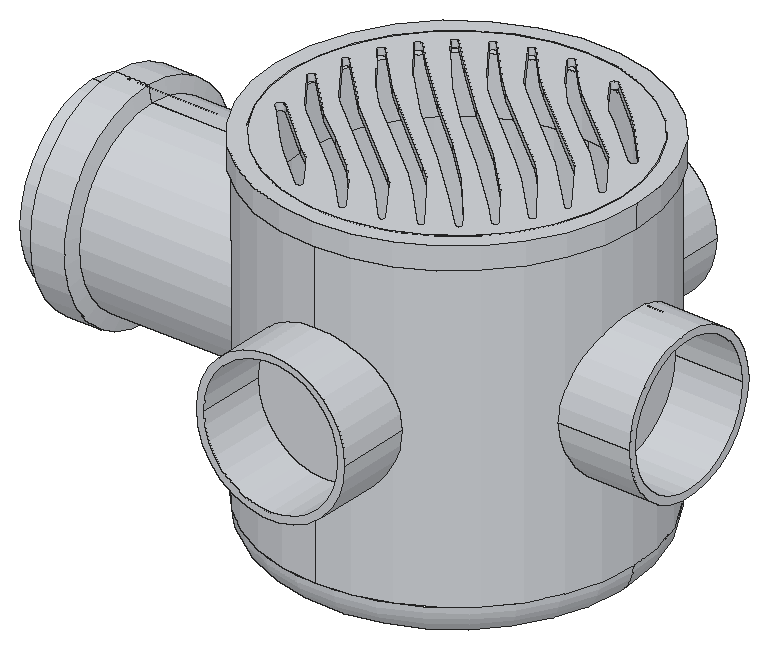
Revit family "Caixa Sifonada Montada_100x100x50 Completa - Caixas e Ralos - Esgoto - MEP - Tigre", category Plumbing Fixtures, host Face, Revit 2012 (continued)
Automatic sketch dimensions
  Extrusion 11 sketch curve to Extrusion 11 sketch curve = 5.226 mm  (x2)
  Extrusion 11 sketch curve to Extrusion 11 sketch curve = 2.545 mm  (x2)
  Extrusion 11 sketch curve to Extrusion 11 sketch curve = 1.21 mm  (x2)
  Extrusion 11 sketch curve to plane 1 "Center (Front/Back)" = 7.516 mm
  Extrusion 11 sketch curve to Extrusion 11 sketch curve = 1.934 mm  (x2)
  Extrusion 11 sketch curve to Extrusion 11 sketch curve = 3.641 mm  (x2)
  Extrusion 11 sketch curve to plane 1 "Center (Front/Back)" = 4.595 mm
  Extrusion 11 sketch curve to plane 3 "Center (Left/Right)" = 2.344 mm
  Extrusion 11 sketch curve to plane 1 "Center (Front/Back)" = 4.456 mm
  Extrusion 11 sketch curve to Extrusion 11 sketch curve = 1.893 mm  (x2)
  Extrusion 11 sketch curve to plane 1 "Center (Front/Back)" = 3.47 mm
  Extrusion 11 sketch curve to plane 1 "Center (Front/Back)" = 3.156 mm
  Extrusion 11 sketch curve to plane 1 "Center (Front/Back)" = 2.446 mm
  Extrusion 11 sketch curve to plane 1 "Center (Front/Back)" = 2.422 mm
  Extrusion 11 sketch curve to plane 1 "Center (Front/Back)" = 1.749 mm
  Extrusion 11 sketch curve to plane 1 "Center (Front/Back)" = 1.747 mm
  Extrusion 11 sketch curve to plane 1 "Center (Front/Back)" = 0.955 mm
  Extrusion 11 sketch curve to plane 1 "Center (Front/Back)" = 0.563 mm
  Extrusion 11 sketch curve to plane 1 "Center (Front/Back)" = 0.377 mm
  Extrusion 11 sketch curve to plane 1 "Center (Front/Back)" = 0.241 mm
  Extrusion 11 sketch curve to plane 1 "Center (Front/Back)" = 0.002 mm
  plane 1 "Center (Front/Back)" to Extrusion 11 sketch curve = 0.238 mm
  plane 1 "Center (Front/Back)" to Extrusion 11 sketch curve = 0.373 mm
  plane 1 "Center (Front/Back)" to Extrusion 11 sketch curve = 0.56 mm
  plane 1 "Center (Front/Back)" to Extrusion 11 sketch curve = 0.951 mm
  plane 1 "Center (Front/Back)" to Extrusion 11 sketch curve = 1.743 mm
  plane 1 "Center (Front/Back)" to Extrusion 11 sketch curve = 1.746 mm
  Extrusion 11 sketch curve to Extrusion 11 sketch curve = 1.859 mm
  plane 1 "Center (Front/Back)" to Extrusion 11 sketch curve = 2.443 mm
  plane 1 "Center (Front/Back)" to Extrusion 11 sketch curve = 3.152 mm
  Extrusion 11 sketch curve to Extrusion 11 sketch curve = 1.723 mm
  plane 1 "Center (Front/Back)" to Extrusion 11 sketch curve = 3.599 mm
  plane 1 "Center (Front/Back)" to Extrusion 11 sketch curve = 4.453 mm
  plane 1 "Center (Front/Back)" to Extrusion 11 sketch curve = 4.592 mm
  plane 1 "Center (Front/Back)" to Extrusion 11 sketch curve = 5.579 mm
  Extrusion 11 sketch curve to Extrusion 11 sketch curve = 6.146 mm
  Extrusion 11 sketch curve to Extrusion 11 sketch curve = 9.597 mm
  Extrusion 11 sketch curve to Extrusion 11 sketch curve = 2.261 mm  (x2)
  plane 3 "Center (Left/Right)" to Extrusion 11 sketch curve = 3.503 mm
  Extrusion 11 sketch curve to Extrusion 11 sketch curve = 7.401 mm
  Extrusion 11 sketch curve to Extrusion 11 sketch curve = 2.972 mm
  Extrusion 11 sketch curve to Extrusion 11 sketch curve = 7.628 mm
  Extrusion 11 sketch curve to Extrusion 11 sketch curve = 7.456 mm
  plane 3 "Center (Left/Right)" to Extrusion 11 sketch curve = 3.075 mm
  plane 3 "Center (Left/Right)" to Extrusion 11 sketch curve = 11.297 mm
  Extrusion 11 sketch curve to Extrusion 11 sketch curve = 3.032 mm
  plane 3 "Center (Left/Right)" to Extrusion 11 sketch curve = 0.057 mm
  plane 3 "Center (Left/Right)" to Extrusion 11 sketch curve = 18.239 mm
  Extrusion 11 sketch curve to Extrusion 11 sketch curve = 0.488 mm
  plane 3 "Center (Left/Right)" to Extrusion 11 sketch curve = 8.565 mm
  Extrusion 11 sketch curve to plane 3 "Center (Left/Right)" = 3.051 mm
  Extrusion 11 sketch curve to Extrusion 11 sketch curve = 2.756 mm
  Extrusion 11 sketch curve to Extrusion 11 sketch curve = 0.836 mm
  plane 3 "Center (Left/Right)" to Extrusion 11 sketch curve = 2.751 mm
  Extrusion 11 sketch curve to Extrusion 11 sketch curve = 1.593 mm
  plane 3 "Center (Left/Right)" to Extrusion 11 sketch curve = 1.399 mm
  Extrusion 11 sketch curve to Extrusion 11 sketch curve = 1.431 mm
  Extrusion 11 sketch curve to plane 3 "Center (Left/Right)" = 14.389 mm
  plane 3 "Center (Left/Right)" to Extrusion 11 sketch curve = 10.702 mm
  plane 3 "Center (Left/Right)" to Extrusion 11 sketch curve = 1.549 mm
  plane 3 "Center (Left/Right)" to Extrusion 11 sketch curve = 0.765 mm
  plane 3 "Center (Left/Right)" to Extrusion 11 sketch curve = 0.062 mm
  Extrusion 11 sketch curve to Extrusion 11 sketch curve = 19.237 mm
  Extrusion 11 sketch curve to Extrusion 11 sketch curve = 1.974 mm
  Extrusion 11 sketch curve to Extrusion 11 sketch curve = 1.743 mm
  Extrusion 11 sketch curve to Extrusion 11 sketch curve = 53.478 mm
  Extrusion 11 sketch curve to Extrusion 11 sketch curve = 127.934 mm
  Extrusion 11 sketch curve to Extrusion 11 sketch curve = 34.462 mm
  Extrusion 11 sketch curve to Extrusion 11 sketch curve = 0.268 mm
  Extrusion 11 sketch curve to Extrusion 11 sketch curve = 0.325 mm
  Extrusion 11 sketch curve to Extrusion 11 sketch curve = 23.673 mm
  Extrusion 11 sketch curve to Extrusion 11 sketch curve = 0.823 mm
  Extrusion 11 sketch curve to Extrusion 11 sketch curve = 0.012 mm  (x2)
  Extrusion 11 sketch curve to Extrusion 11 sketch curve = 0.756 mm
  Extrusion 11 sketch curve to Extrusion 11 sketch curve = 3.003 mm
  Extrusion 11 sketch curve to Extrusion 11 sketch curve = 5.909 mm
  Extrusion 11 sketch curve to Extrusion 11 sketch curve = 3.403 mm
  Extrusion 11 sketch curve to Extrusion 11 sketch curve = 1.906 mm  (x2)
  Extrusion 11 sketch curve to Extrusion 11 sketch curve = 0.843 mm
  Extrusion 11 sketch curve to Extrusion 11 sketch curve = 3.414 mm
  Extrusion 11 sketch curve to Extrusion 11 sketch curve = 3.509 mm  (x2)
  Extrusion 11 sketch curve to Extrusion 11 sketch curve = 2.376 mm
  Extrusion 11 sketch curve to Extrusion 11 sketch curve = 0.783 mm
  Extrusion 11 sketch curve to Extrusion 11 sketch curve = 2.211 mm
  Extrusion 11 sketch curve to Extrusion 11 sketch curve = 3.072 mm
  Extrusion 11 sketch curve to Extrusion 11 sketch curve = 0.838 mm
  Extrusion 11 sketch curve to Extrusion 11 sketch curve = 9.255 mm
  Extrusion 11 sketch curve to Extrusion 11 sketch curve = 1.789 mm
  Extrusion 11 sketch curve to Extrusion 11 sketch curve = 2.826 mm
  Extrusion 11 sketch curve to Extrusion 11 sketch curve = 5.511 mm
  Extrusion 11 sketch curve to Extrusion 11 sketch curve = 5.579 mm
  Extrusion 11 sketch curve to Extrusion 11 sketch curve = 4.311 mm  (x2)
  Extrusion 11 sketch curve to Extrusion 11 sketch curve = 4.189 mm
  Extrusion 11 sketch curve to Extrusion 11 sketch curve = 3.575 mm
  Extrusion 11 sketch curve to Extrusion 11 sketch curve = 0.766 mm
  Extrusion 11 sketch curve to Extrusion 11 sketch curve = 5.526 mm
  Extrusion 11 sketch curve to Extrusion 11 sketch curve = 1.848 mm
  Extrusion 11 sketch curve to Extrusion 11 sketch curve = 1.872 mm  (x2)
  Extrusion 11 sketch curve to Extrusion 11 sketch curve = 2.523 mm
  Extrusion 11 sketch curve to Extrusion 11 sketch curve = 2.048 mm
  Extrusion 11 sketch curve to Extrusion 11 sketch curve = 3.624 mm
  Extrusion 11 sketch curve to Extrusion 11 sketch curve = 1.291 mm  (x2)
  Extrusion 11 sketch curve to Extrusion 11 sketch curve = 6.114 mm
  Extrusion 11 sketch curve to Extrusion 11 sketch curve = 0.705 mm
  Extrusion 11 sketch curve to Extrusion 11 sketch curve = 4.23 mm
  Extrusion 11 sketch curve to Extrusion 11 sketch curve = 6.941 mm
  Extrusion 11 sketch curve to Extrusion 11 sketch curve = 0.682 mm
  Extrusion 11 sketch curve to Extrusion 11 sketch curve = 5.741 mm  (x2)
  Extrusion 11 sketch curve to Extrusion 11 sketch curve = 0.63 mm  (x2)
  Extrusion 11 sketch curve to Extrusion 11 sketch curve = 0.182 mm  (x2)
  Extrusion 11 sketch curve to plane 3 "Center (Left/Right)" = 5.621 mm
  Extrusion 11 sketch curve to Extrusion 11 sketch curve = 0.539 mm
  Extrusion 11 sketch curve to plane 3 "Center (Left/Right)" = 3.404 mm
  Extrusion 11 sketch curve to plane 3 "Center (Left/Right)" = 1.45 mm
  Extrusion 11 sketch curve to plane 3 "Center (Left/Right)" = 0.013 mm
  plane 3 "Center (Left/Right)" to Extrusion 11 sketch curve = 2.443 mm
  Extrusion 11 sketch curve to Extrusion 11 sketch curve = 7.211 mm
  Extrusion 11 sketch curve to Extrusion 11 sketch curve = 0.674 mm
  Extrusion 11 sketch curve to Extrusion 11 sketch curve = 1.885 mm
  Extrusion 11 sketch curve to Extrusion 11 sketch curve = 0.384 mm
  Extrusion 11 sketch curve to Extrusion 11 sketch curve = 6.502 mm
  Extrusion 11 sketch curve to Extrusion 11 sketch curve = 7.333 mm
  Extrusion 11 sketch curve to Extrusion 11 sketch curve = 0.644 mm
  Extrusion 11 sketch curve to Extrusion 11 sketch curve = 3.877 mm
  Extrusion 11 sketch curve to Extrusion 11 sketch curve = 0.353 mm
  Extrusion 11 sketch curve to Extrusion 11 sketch curve = 2.341 mm
  Extrusion 11 sketch curve to Extrusion 11 sketch curve = 1.081 mm
  Extrusion 11 sketch curve to Extrusion 11 sketch curve = 3.779 mm
  Extrusion 11 sketch curve to Extrusion 11 sketch curve = 2.13 mm
  Extrusion 11 sketch curve to Extrusion 11 sketch curve = 0.715 mm
  Extrusion 11 sketch curve to Extrusion 11 sketch curve = 3.522 mm
  Extrusion 11 sketch curve to Extrusion 11 sketch curve = 0.77 mm
  Extrusion 11 sketch curve to Extrusion 11 sketch curve = 0.679 mm
  Extrusion 11 sketch curve to Extrusion 11 sketch curve = 0.739 mm
  Extrusion 12 sketch curve to plane 1 "Center (Front/Back)" = 50.00 mm
  Extrusion 12 sketch curve to Extrusion 12 sketch curve = 2.50 mm  (x4)
  plane 1 "Center (Front/Back)" to Extrusion 12 sketch curve = 47.50 mm
  Extrusion 12 sketch curve to plane 3 "Center (Left/Right)" = 50.00 mm
  plane 3 "Center (Left/Right)" to Extrusion 12 sketch curve = 47.50 mm
  plane 1 "Center (Front/Back)" to Extrusion 13 sketch curve = 0.00 mm
  Extrusion 13 sketch curve to plane 3 "Center (Left/Right)" = 0.00 mm
  Extrusion 13 sketch curve to plane 1 "Center (Front/Back)" = 47.50 mm
  plane 1 "Center (Front/Back)" to Extrusion 13 sketch curve = 47.50 mm
  Extrusion 13 sketch curve to plane 3 "Center (Left/Right)" = 47.50 mm
  plane 3 "Center (Left/Right)" to Extrusion 13 sketch curve = 47.50 mm
  Sweep 14 sketch curve to Sweep 14 sketch curve = 0.00 mm  (x2)
  plane 1 "Center (Front/Back)" to Sweep 14 sketch curve = 0.00 mm
  Sweep 14 sketch curve to profile plane = 0.00 mm
  Sweep 15 sketch curve to plane 3 "Center (Left/Right)" = 0.00 mm
  Sweep 15 sketch curve to Sweep 15 sketch curve = 0.00 mm  (x2)
  plane 1 "Center (Front/Back)" to Sweep 15 sketch curve = 0.00 mm
  Sweep 15 sketch curve to profile plane = 0.00 mm
  Sweep 16 sketch curve to plane 3 "Center (Left/Right)" = 0.00 mm
  Sweep 16 sketch curve to Sweep 16 sketch curve = 0.00 mm  (x2)
  plane 1 "Center (Front/Back)" to Sweep 16 sketch curve = 0.00 mm
  Sweep 16 sketch curve to profile plane = 0.00 mm
  plane 1 "Center (Front/Back)" to Sweep 17 sketch curve = 0.00 mm
  plane 3 "Center (Left/Right)" to Sweep 17 sketch curve = 48.75 mm
  Sweep 17 sketch curve to Sweep 17 sketch curve = 20.15 mm
  plane 6 to Sweep 17 sketch curve = 0.00 mm
  Sweep 17 sketch curve to profile plane = 0.00 mm
  Sweep 18 sketch curve to plane 3 "Center (Left/Right)" = 0.00 mm
  Sweep 18 sketch curve to plane 1 "Center (Front/Back)" = 48.75 mm
  Sweep 18 sketch curve to Sweep 18 sketch curve = 20.15 mm
  Sweep 18 sketch curve to plane 6 = 0.00 mm
  profile plane to Sweep 18 sketch curve = 0.00 mm
  Sweep 19 sketch curve to plane 3 "Center (Left/Right)" = 0.00 mm
  plane 1 "Center (Front/Back)" to Sweep 19 sketch curve = 48.75 mm
  Sweep 19 sketch curve to Sweep 19 sketch curve = 20.15 mm
  Sweep 19 sketch curve to plane 6 = 0.00 mm
  Sweep 19 sketch curve to profile plane = 0.00 mm
  plane 1 "Center (Front/Back)" to Sweep 20 sketch curve = 0.00 mm
  Sweep 20 sketch curve to plane 3 "Center (Left/Right)" = 107.80 mm
  Sweep 20 sketch curve to Sweep 20 sketch curve = 43.011 mm
  plane 6 to Sweep 20 sketch curve = 0.00 mm
  Sweep 20 sketch curve to profile plane = 0.00 mm
  radius of Extrusion 11 sketch curve = 48.60 mm
  radius of Extrusion 13 sketch curve = 46.47 mm
  radius of Sweep 14 sketch curve = 48.587 mm
  radius of Sweep 14 sketch curve = 46.47 mm
  radius of Sweep 15 sketch curve = 53.50 mm
  radius of Sweep 15 sketch curve = 48.75 mm
  radius of Sweep 16 sketch curve = 46.47 mm
  radius of Sweep 16 sketch curve = 48.75 mm
Nested families
  nested 1: "Prolongamento para Caixa Sifonada - Caixas e Ralos - Esgoto - MEP - Tigre" at (0, 0, -6.5), Comprimento do Tubo <- "Comprimento do Tubo", visible <- "Prolongador", Acabamento <- "Prolongador.", Tigre: Comentários <- "Tigre: Comentários", type "100 x 100 mm"
    with Tigre: Marcador "00", Tigre: Código com Separador "27.30.748.5", Tigre: Código 27307485, Tigre: Comentários "", Comprimento do Tubo 1.00 mm, Acabamento none
Connectors
  piping at (-64.789, 0, -50.5), driven by "Raio Nominal 1"
    settings: on cut or joined group of Sweep 1, Revolve 2, Sweep 3, Sweep 4, Sweep 5, SweptBlend 6, Sweep 7, SweptBlend 8, Sweep 9, Sweep 17, Sweep 18, Sweep 19, Sweep 20, index 1, connector radius 25.00 mm, flow factor 0, pipe flow 0 GPM, pressure drop 0.00 psi, fitting loss kfactor 0, connector angle 0.00°, fixture units 0, engagement length 0.00 mm, flow configuration 0, flow direction 2, fitting loss method 0, system type 16, joint type 0, gender type 0, connector reference index 2, connector utility 1, adjustable connector yes, is connector primary yes, fitting loss table "", connector description ""
  piping at (48.75, 0, -50.5), driven by "Raio Nominal 2"
    settings: on cut or joined group of Sweep 1, Revolve 2, Sweep 3, Sweep 4, Sweep 5, SweptBlend 6, Sweep 7, SweptBlend 8, Sweep 9, Sweep 17, Sweep 18, Sweep 19, Sweep 20, index 2, connector radius 20.00 mm, flow factor 0, pipe flow 0 GPM, pressure drop 0.00 psi, fitting loss kfactor 0, connector angle 0.00°, fixture units 0, engagement length 0.00 mm, flow configuration 0, flow direction 1, fitting loss method 0, system type 16, joint type 0, gender type 0, connector reference index 1, connector utility 1, adjustable connector yes, is connector primary no, fitting loss table "", connector description ""
  piping at (0, 48.75, -50.5), driven by "Raio Nominal 2"
    settings: on cut or joined group of Sweep 1, Revolve 2, Sweep 3, Sweep 4, Sweep 5, SweptBlend 6, Sweep 7, SweptBlend 8, Sweep 9, Sweep 17, Sweep 18, Sweep 19, Sweep 20, index 4, connector radius 20.00 mm, flow factor 0, pipe flow 0 GPM, pressure drop 0.00 psi, fitting loss kfactor 0, connector angle 0.00°, fixture units 0, engagement length 0.00 mm, flow configuration 0, flow direction 1, fitting loss method 0, system type 16, joint type 0, gender type 0, connector reference index -1, connector utility 1, adjustable connector yes, is connector primary no, fitting loss table "", connector description ""
  piping at (0, -48.75, -50.5), driven by "Raio Nominal 2"
    settings: on cut or joined group of Sweep 1, Revolve 2, Sweep 3, Sweep 4, Sweep 5, SweptBlend 6, Sweep 7, SweptBlend 8, Sweep 9, Sweep 17, Sweep 18, Sweep 19, Sweep 20, index 5, connector radius 20.00 mm, flow factor 0, pipe flow 0 GPM, pressure drop 0.00 psi, fitting loss kfactor 0, connector angle 0.00°, fixture units 0, engagement length 0.00 mm, flow configuration 0, flow direction 1, fitting loss method 0, system type 16, joint type 0, gender type 0, connector reference index -1, connector utility 1, adjustable connector yes, is connector primary no, fitting loss table "", connector description ""
Definition of nested family "Prolongamento para Caixa Sifonada - Caixas e Ralos - Esgoto - MEP - Tigre"
  Parameters (values of type "100 x 100 mm")
    Unifilar = Diâmetro Nominal * 0.4  # 40.00 mm
    URL = "http://www.tigre.com.br"
    Type Comments = ""
    Tigre: Sistema = "Esgoto"  # constant formula
    Tigre: Norma = ""
    Tigre: Material = "PVC Branco"  # constant formula
    Tigre: Marcador [instance] = "00"
    Tigre: Link do Produto = "http://www.tigre.com.br/pt/produtos_unico.php?rcr_id=4&cpr_id=10&cpr_id_pai=4&lnh_id=11&prd_id=150"
    Tigre: Linha = "Caixas e Ralos"  # constant formula
    Tigre: Fabricante = "© Tigre S/A"  # constant formula
    Tigre: Descrição = "Prolongamento p/ Caixa Sifonada 100 x 100mm, Esgoto - TIGRE"
    Tigre: Código com Separador [instance] = "27.30.748.5"
    Tigre: Código [instance] = 27307485
    Tigre: Comentários [instance] = ""
    Raio Nominal = 50.00 mm
    Raio Externo = 48.40 mm
    Raio Interno = 0.98 * Raio Externo  # 47.432 mm
    Model = ""
    Manufacturer = Tigre: Fabricante  # "© Tigre S/A"
    Diâmetro Nominal = Raio Nominal * 2  # 100.00 mm
    Description = Tigre: Descrição  # "Prolongamento p/ Caixa Sifonada 100 x 100mm, Esgoto - TIGRE"
    Default Elevation = 0.00 mm
    Comprimento do Tubo [instance] = 100.00 mm
    Acabamento [instance] = none
  Types (7, lengths in mm): name | Unifilar | Tigre: Descrição | Tigre: Código com Separador | Tigre: Código | Raio Nominal | Raio Externo | Raio Interno | Diâmetro Nominal | Description | Comprimento do Tubo
    (no name) | 40.00 | "Prolongamento p/ Caixa Sifonada 100 x 100mm, Esgoto - TIGRE" | "27.30.748.5" | 27307485 | 50.00 | 48.40 | 47.432 | 100.00 | "Prolongamento p/ Caixa Sifonada 100 x 100mm, Esgoto - TIGRE" | 100.00
    100 x 100 mm | 40.00 | "Prolongamento p/ Caixa Sifonada 100 x 100mm, Esgoto - TIGRE" | "27.30.748.5" | 27307485 | 50.00 | 48.40 | 47.432 | 100.00 | "Prolongamento p/ Caixa Sifonada 100 x 100mm, Esgoto - TIGRE" | 100.00
    100 x 150 mm | 40.00 | "Prolongamento p/ Caixa Sifonada 100 x 150mm, Esgoto - TIGRE" | "27.30.749.3" | 27307493 | 50.00 | 48.40 | 47.432 | 100.00 | "Prolongamento p/ Caixa Sifonada 100 x 150mm, Esgoto - TIGRE" | 150.00
    100 x 200 mm | 40.00 | "Prolongamento p/ Caixa Sifonada 100 x 200mm, Esgoto - TIGRE" | "27.30.750.7" | 27307507 | 50.00 | 48.40 | 47.432 | 100.00 | "Prolongamento p/ Caixa Sifonada 100 x 200mm, Esgoto - TIGRE" | 200.00
    150 x 150 mm | 60.00 | "Prolongamento p/ Caixa Sifonada 150 x 150mm, Esgoto - TIGRE" | "27.30.815.5" | 27308155 | 75.00 | 74.00 | 72.52 | 150.00 | "Prolongamento p/ Caixa Sifonada 150 x 150mm, Esgoto - TIGRE" | 150.00
    150 x 200 mm | 60.00 | "Prolongamento p/ Caixa Sifonada 150 x 200mm, Esgoto - TIGRE" | "27.30.820.1" | 27308201 | 75.00 | 74.00 | 72.52 | 150.00 | "Prolongamento p/ Caixa Sifonada 150 x 200mm, Esgoto - TIGRE" | 200.00
    250 x 200 mm | 100.00 | "Prolongamento p/ Caixa Sifonada 250 x 200mm, Esgoto - TIGRE" | "27.30.900.3" | 27309003 | 125.00 | 123.50 | 121.03 | 250.00 | "Prolongamento p/ Caixa Sifonada 250 x 200mm, Esgoto - TIGRE" | 200.00
  Reference planes
    plane 1 "Center (Front/Back)": y = 0
    plane 2: z = 0
    plane 3 "Center (Left/Right)": x = 0
    plane 4: z = -100
    plane 5: z = 0
  Forms (mm)
    Sweep 1, solid, material <- "Acabamento", detail levels fine
      path origin (0, 0, 0) x (0, 0, -1) y (0, 1, 0)
        loop
          line (0, 0) -> (100, 0)
      profile origin (0, 0, -50) x (1, 0, 0) y (0, 1, 0)
        loop
          circle (0, 0) r 47.432
        loop
          circle (0, 0) r 48.4
  Dimensions and locks
    "Comprimento do Tubo": plane 5 to plane 4
    "Raio Externo": radius of Sweep 1 sketch curve
    "Raio Interno": radius of Sweep 1 sketch curve
    aligned and locked: plane 1 "Center (Front/Back)" to Sweep 1 sketch curve
    aligned and locked: level to Sweep 1 sketch curve
    aligned and locked: plane 4 to Sweep 1 sketch curve
  Automatic sketch dimensions
    Sweep 1 sketch curve to Sweep 1 sketch curve = 0.00 mm  (x2)
    Sweep 1 sketch curve to profile plane = 0.00 mm  (x2)
Types (6, lengths in mm): name | Tigre: Material | Tigre: Link do Produto | Tigre: Descrição | Tigre: Código com Separador | Tigre: Código | Porta Grelha Redonda | Porta Grelha Quadrada | Grelha Redonda | Grelha Quadrada | Description
  (no name) | "Prata/Aluminio" | "http://www.tigre.com.br/pt/produtos_unico.php?rcr_id=4&cpr_id=10&cpr_id_pai=4&lnh_id=11&prd_id=124" | "Caixa Sifonada Montada c/ Grelha e Porta Grelha, alumínio redondos 100 x 100 x 50mm, Esgoto - TIGRE" | "27.01.999.4" | 27019994 | yes | no | yes | no | "Caixa Sifonada Montada c/ Grelha e Porta Grelha, alumínio redondos 100 x 100 x 50mm, Esgoto - TIGRE"
  Grelha e porta grelha quadrados brancos - DN 100 x 100 x 50 | "Branco" | "http://www.tigre.com.br/pt/produtos_unico.php?rcr_id=4&cpr_id=10&cpr_id_pai=4&lnh_id=11&prd_id=124" | "Caixa Sifonada Montada c/ Grelha e Porta Grelha, quadrados brancos 100 x 100 x 50mm, Esgoto - TIGRE" | "27.01.991.9" | 27019919 | no | yes | no | yes | "Caixa Sifonada Montada c/ Grelha e Porta Grelha, quadrados brancos 100 x 100 x 50mm, Esgoto - TIGRE"
  Grelha e porta grelha redondos brancos - DN 100 x 100 x 50 | "Branco" | "http://www.tigre.com.br/pt/produtos_unico.php?rcr_id=4&cpr_id=10&cpr_id_pai=4&lnh_id=11&prd_id=124" | "Caixa Sifonada Montada c/ Grelha e Porta Grelha, redondos brancos 100 x 100 x 50mm, Esgoto - TIGRE" | "27.01.980.3" | 27019803 | yes | no | yes | no | "Caixa Sifonada Montada c/ Grelha e Porta Grelha, redondos brancos 100 x 100 x 50mm, Esgoto - TIGRE"
  Porta grelha prata e grelha alumínio quadrados - DN 100 x 100 x 50 | "Prata/Aluminio" | "http://www.tigre.com.br/pt/produtos_unico.php?rcr_id=4&cpr_id=10&cpr_id_pai=4&lnh_id=11&prd_id=124" | "Caixa Sifonada Montada c/ Grelha e Porta Grelha, alumínio quadrados 100 x 100 x 50mm, Esgoto - TIGRE" | "27.01.997.8" | 27019978 | no | yes | no | yes | "Caixa Sifonada Montada c/ Grelha e Porta Grelha, alumínio quadrados 100 x 100 x 50mm, Esgoto - TIGRE"
  Porta-grelha prata e grelha alumínio redondos - DN 100 x 100 x 50 | "Prata/Aluminio" | "http://www.tigre.com.br/pt/produtos_unico.php?rcr_id=4&cpr_id=10&cpr_id_pai=4&lnh_id=11&prd_id=124" | "Caixa Sifonada Montada c/ Grelha e Porta Grelha, alumínio redondos 100 x 100 x 50mm, Esgoto - TIGRE" | "27.01.999.4" | 27019994 | yes | no | yes | no | "Caixa Sifonada Montada c/ Grelha e Porta Grelha, alumínio redondos 100 x 100 x 50mm, Esgoto - TIGRE"
  Corpo - 100 x 100 x 50 | "Branco" | "http://www.tigre.com.br/pt/produtos_unico.php?rcr_id=4&cpr_id=10&cpr_id_pai=4&lnh_id=11&prd_id=131" | "Corpo Caixa Sifonada 100 x 100 x 50mm, Esgoto - TIGRE" | "27.15.019.5" | 27150195 | no | no | no | no | "Corpo Caixa Sifonada 100 x 100 x 50mm, Esgoto - TIGRE"
